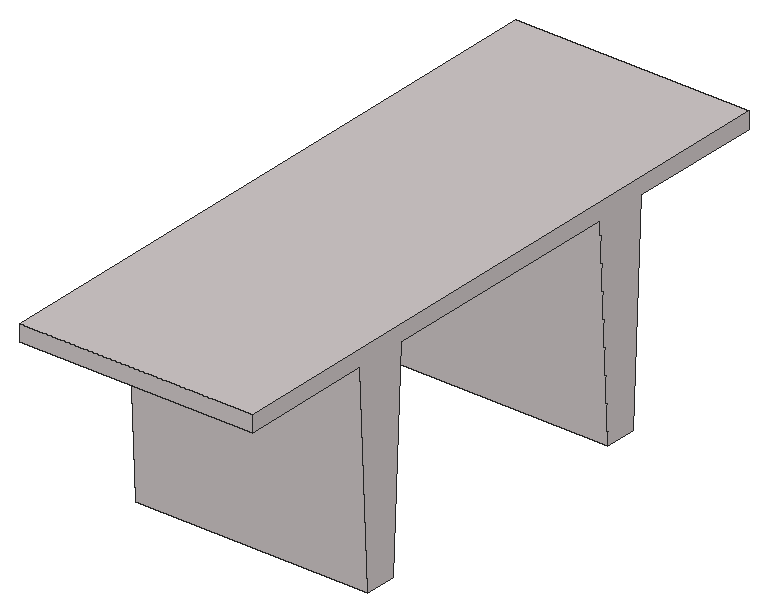
Revit family "M_Pré-moldado-Ts duplos de concreto", category Quadro estrutural, Revit 2019
Family settings
  Exibir em vistas ocultas = Arestas ocultadas pela própria viga
  Arredondamento do comprimento do framing estrutural = 0 mm
  Forma do corte = Não definido
  Material para o comportamento do modelo = Concreto pré-moldado
  Exportar sempre como geometria = Não
  Número OmniClass = 23.25.30.11.14.14
  Título OmniClass = Beams
  ID de item do Seek = Precast-Concrete Double Tees-0000-CAN-ENU
  Sempre na vertical = Sim
  Corte com vazios quando carregada = Não
  Representação simbólica = Da família
  Compartilhado = Não
  Exibir o pré-corte da família na vista da planta = Sim
Parameters (values of type "1250x1080")
  Peso da vara de tirante [instance] = 30
  Vara de tirante W [instance] = (Peso da vara de tirante) * 9.80 kN / 1000  # 0.294 kN
  Structural Material [instance] = Concreto - Moldado in loco - 35 MPa
  Peso do vergalhão simples [instance] = 50
  Vergalhão em W simples [instance] = (Peso do vergalhão simples * 9.80 kN) / 1000  # 0.49 kN
  Peso das grades de vergalhão [instance] = 100
  Grades de vergalhão W [instance] = (Peso das grades de vergalhão * 9.80 kN) / 1000  # 0.98 kN
  Linear = 1080 mm
  Cr = 650 mm
  Inclinação obtusa = Hu / 20  # 50 mm
  Hu = 1000 mm
  Ho = Linear - Hu  # 80 mm
  Cl = 650 mm
  Bur = 150 mm
  Bul = 150 mm
  B = Cl + A + Cr + 4 * Inclinação obtusa + Bur + Bul  # 3000 mm
  Assembly Code = ""
  Length [instance] = 1500 mm
  A = 1200 mm
Types (3, lengths in mm): name | Linear | Cr | Inclinação obtusa | Hu | Ho | Cl | Bur | Bul | B | A
  (no name) | 1080 | 650 | 50 | 1000 | 80 | 650 | 150 | 150 | 3000 | 1200
  1250x1080 | 1080 | 650 | 50 | 1000 | 80 | 650 | 150 | 150 | 3000 | 1200
  900x300 | 300 | 0 | 12.5 | 250 | 50 | 0 | 120 | 120 | 1190 | 900
Reference planes
  plane 1 "Centro (Frente/Trás)": y = 0
  plane 2: z = 0
  plane 3 "Centro (Esquerda/Direita)": x = 4.61
  plane 4 "Membro esquerdo": x = -557.39
  plane 5 "Membro direito": x = 566.61
  plane 6 "Esquerda": x = -757.39
  plane 7 "Direita": x = 742.61
  plane 8: z = 540
  plane 9: z = 460
  plane 10: y = 850
  plane 11: y = 600
  plane 12: y = -600
  plane 13: y = -850
  plane 14: y = 1500
  plane 15: y = -1500
  plane 16: z = -540
  plane 17: y = 800
  plane 18: y = 650
  plane 19: y = -650
  plane 20: y = -800
  plane 21: y = 1500
  plane 22: z = 540
Forms (mm)
  Sweep 1, solid, material "Concreto - Moldado in loco - 35 MPa" <- "Structural Material"
    path origin (0, 0, -250) x (-1, 0, 0) y (0, -1, 0)
      loop
        line (557.39, 0) -> (-566.61, 0)
    profile origin (4.61, 0, -250) x (0, 1, 0) y (0, 0, 1)
      loop
        line (1500, 790) -> (-1500, 790) -> (-1500, 710) -> (1500, 710) -> (1500, 790)
  Sweep 2, solid, material "Concreto - Moldado in loco - 35 MPa" <- "Structural Material"
    path origin (0, 0, -250) x (-1, 0, 0) y (0, -1, 0)
      loop
        line (557.39, 0) -> (-566.61, 0)
    profile origin (4.61, 0, -250) x (0, 1, 0) y (0, 0, 1)
      loop
        line (850, 710) -> (600, 710) -> (650, -290) -> (800, -290) -> (850, 710)
      loop
        line (-600, 710) -> (-850, 710) -> (-800, -290) -> (-650, -290) -> (-600, 710)
Cuts and joins
  joined: Sweep 1, Sweep 2
Dimensions and locks
  "Length": plane 6 "Esquerda" to plane 7 "Direita"
  equal spacing: plane 11, plane 1 "Centro (Frente/Trás)", plane 12
  "A": plane 11 to plane 12
  equal spacing: plane 8, plane 2, plane 16
  "Hu": plane 9 to plane 16
  "Bul": plane 17 to plane 18
  "Bur": plane 19 to plane 20
  "Cl": plane 14 to plane 10
  "Inclinação obtusa": plane 10 to plane 17
  "Inclinação obtusa": plane 18 to plane 11
  "Inclinação obtusa": plane 12 to plane 19
  "Inclinação obtusa": plane 20 to plane 13
  "Cr": plane 13 to plane 15
  "B": plane 21 to plane 15
  "Ho": plane 8 to plane 9
  "Linear": plane 22 to plane 16
  aligned and locked: Sweep 1 sketch curve to plane 8
  aligned and locked: plane 14 to Sweep 1 sketch curve
  aligned and locked: plane 9 to Sweep 1 sketch curve
  aligned and locked: Sweep 1 sketch curve to plane 15
  aligned and locked: Sweep 2 sketch curve to plane 13
  aligned and locked: plane 9 to Sweep 2 sketch curve  (x3)
  aligned and locked: Sweep 2 sketch curve to plane 12
  aligned and locked: Sweep 2 sketch curve to plane 20
  aligned and locked: plane 16 to Sweep 2 sketch curve  (x4)
  aligned and locked: Sweep 2 sketch curve to plane 19
  aligned and locked: plane 18 to Sweep 2 sketch curve
  aligned and locked: plane 17 to Sweep 2 sketch curve
  aligned and locked: Sweep 2 sketch curve to plane 9
  aligned and locked: Sweep 2 sketch curve to plane 11
  aligned and locked: Sweep 2 sketch curve to plane 10
  aligned and locked: plane 4 "Membro esquerdo" to Sweep 1 sketch curve
  aligned and locked: plane 5 "Membro direito" to Sweep 1 sketch curve
  aligned and locked: plane 4 "Membro esquerdo" to Sweep 2 sketch curve
  aligned and locked: plane 5 "Membro direito" to Sweep 2 sketch curve
Automatic sketch dimensions
  Sweep 1 sketch curve to plane 1 "Centro (Frente/Trás)" = 0 mm
  Sweep 2 sketch curve to plane 1 "Centro (Frente/Trás)" = 0 mm
